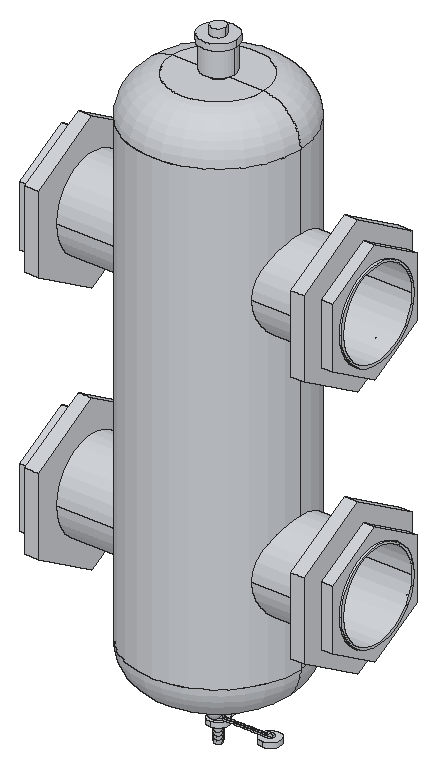
Revit family "Magnetic Dirt-Separator - R146IY008", category Plumbing Fixtures, Revit 2015
Reference planes
  plane 1 "Center (Front/Back)": y = 0
  plane 2: z = 0
  plane 3 "Center (Left/Right)": x = 0
  plane 4: z = 207
  plane 5: x = -176.5
  plane 6: x = 176.5
  plane 7: x = 27.082
  plane 8: x = -27.082
  plane 9: z = 487
  plane 10: y = 27.082
  plane 11: y = -27.082
  plane 12: y = -91
  plane 13: y = 96
  plane 14: y = 27.082
  plane 15: y = -27.082
  plane 16: z = 712
Forms (mm)
  Revolve 1, solid
    sketch origin (0, 0, 3) x (1, 0, 0) y (0, 0, 1)
      loop
        line (-91, 616.756) -> (-91, 99.691)
        arc (-91, 99.691) -> (-80, 71.623) -> (-52.858, 58.503) r 41.31
        line (-52.858, 58.503) -> (0, 58.503) -> (0, 661.086) -> (-50.979, 661.086)
        arc (-50.979, 661.086) -> (-79.515, 646.618) -> (-91, 616.756) r 44.562
      axis (0, 661.086) -> (0, 58.503)
    angle from 0 to 360
  Extrusion 2, solid
    sketch origin (0, 0, 704) x (1, 0, 0) y (0, 1, 0)
      loop
        circle (0, 0) r 8
    from 0 to 8
  Revolve 3, solid
    sketch origin (0, 0, 0) x (1, 0, 0) y (0, 0, 1)
      loop
        line (-5.119, 19.706) -> (-4.304, 15.76) -> (-5.119, 15.76) -> (-4.304, 11.814) -> (-5.119, 11.814) -> (-4.304, 7.868) -> (-5.119, 7.868) -> (-4.304, 3.922) -> (-5.119, 3.922) -> (-4.309, 0) -> (0, 0) -> (0, 19.706) -> (-5.119, 19.706)
      axis (0, 19.706) -> (0, 0)
    angle from 0 to 360
  Extrusion 4, solid
    sketch origin (0, 0, 51.5) x (0, -1, 0) y (1, 0, 0)
      loop
        line (-9.899, 9.899) -> (-13.523, -3.623) -> (-3.623, -13.523) -> (9.899, -9.899) -> (13.523, 3.623) -> (3.623, 13.523) -> (-9.899, 9.899)
    from -0.912 to 11.088
  Extrusion 5, solid
    sketch origin (0, 0, 43.706) x (0, -1, 0) y (1, 0, 0)
      loop
        circle (0, 0) r 11.105
      loop
        line (-8.942, -11.82) -> (-6.943, -13.221)
        arc (-6.943, -13.221) -> (0, -13.074) -> (6.943, -13.221) r 163.854
        line (6.943, -13.221) -> (8.942, -11.82)
        arc (8.942, -11.82) -> (11.789, 0) -> (8.942, 11.82) r 25.966
        line (8.942, 11.82) -> (6.943, 13.221)
        arc (6.943, 13.221) -> (0, 13.074) -> (-6.943, 13.221) r 163.854
        line (-6.943, 13.221) -> (-8.942, 11.82)
        arc (-8.942, 11.82) -> (-11.789, 0) -> (-8.942, -11.82) r 25.966
    from 0 to 5
  Extrusion 6, solid
    sketch origin (0, 0, 19.706) x (0, -1, 0) y (1, 0, 0)
      loop
        circle (0, 0) r 11
    from 0 to 4.971
  Extrusion 7, solid
    sketch origin (0, 0, 44.706) x (0, -1, 0) y (1, 0, 0)
      loop
        circle (0, 0) r 13
    from 4 to 6
  Extrusion 8, solid
    sketch origin (18.703, 0, 19.677) x (0, -1, 0) y (1, 0, 0)
      loop
        circle (0, 39) r 11
    from 0 to 5
  Extrusion 9, solid
    sketch origin (0, 10.938, -134.258) x (1, 0, 0) y (0, 0, -1)
      loop
        circle (0, -167.996) r 7.5
    from -13.595 to 5.209
  Revolve 10, solid
    sketch origin (0, -2.656, 33.727) x (0, -1, 0) y (1, 0, 0)
      loop
        line (0, 7.5) -> (0, 0) -> (10.635, 0)
        arc (10.635, 0) -> (8.319, 5.314) -> (2.95, 7.5) r 7.687
        line (2.95, 7.5) -> (0, 7.5)
      axis (0, 0) -> (10.635, 0)
    angle from 0 to 360
  Extrusion 11, solid
    sketch origin (0, 0, 14.706) x (-1, 0, 0) y (0, -1, 0)
      loop
        circle (0, 0) r 5.119
    from 9.971 to 16.528
  Revolve 12, solid
    sketch origin (0, 16.384, 33.727) x (0, 1, 0) y (-1, 0, 0)
      loop
        line (0.632, -8.291) -> (2.722, -8.291)
        arc (2.722, -8.291) -> (3.657, -4.191) -> (4.004, 0) r 29.769
        line (4.004, 0) -> (-1.726, 0) -> (-1.726, -5.865) -> (2.031, -5.865) -> (2.031, -7.491) -> (0.632, -7.491) -> (0.632, -8.291)
      axis (-1.726, 0) -> (4.004, 0)
    angle from 0 to 360
  Extrusion 13, solid
    sketch origin (4.688, 0, 0) x (0, -1, 0) y (0, 0, 1)
      loop
        line (11.329, 43.706) -> (-11.171, 43.706)
        arc (-11.171, 43.706) -> (-9.919, 40.677) -> (-9.876, 37.399) r 8.706
        line (-9.876, 37.399) -> (10.033, 37.399)
        arc (10.033, 37.399) -> (10.077, 40.677) -> (11.329, 43.706) r 8.706
    from -0.08 to 9.224
  Extrusion 14, solid
    sketch origin (1, 0, 0) x (0, -1, 0) y (0, 0, 1)
      loop
        line (-17.015, 42.013) -> (-17.015, 44.152) -> (-25.165, 44.152)
        arc (-25.165, 44.152) -> (-25.684, 43.831) -> (-25.628, 43.224) r 0.579
        line (-25.628, 43.224) -> (-20.328, 34.998)
        arc (-20.328, 34.998) -> (-19.907, 38.541) -> (-19.091, 42.013) r 31.634
        line (-19.091, 42.013) -> (-17.015, 42.013)
      loop
        line (-17.017, 25.437) -> (-19.084, 25.437)
        arc (-19.084, 25.437) -> (-19.905, 28.921) -> (-20.328, 32.476) r 31.634
        line (-20.328, 32.476) -> (-26.147, 19.717)
        arc (-26.147, 19.717) -> (-26.054, 18.428) -> (-24.921, 17.809) r 1.348
        line (-24.921, 17.809) -> (-17.017, 17.809) -> (-17.017, 25.437)
    from 0 to 2
  Extrusion 15, solid
    sketch origin (0, 0, 24.677) x (1, 0, 0) y (0, 1, 0)
      loop
        arc (9.667, 0.599) -> (7.817, 2.01) -> (5.874, 0.731) r 2.011
        arc (5.874, 0.731) -> (-0.366, 5.908) -> (-5.919, 0) r 5.919
        arc (-5.919, 0) -> (-0.366, -5.908) -> (5.874, -0.731) r 5.919
        arc (5.874, -0.731) -> (7.817, -2.01) -> (9.667, -0.599) r 2.011
        arc (9.667, -0.599) -> (11.587, -2.011) -> (13.506, -0.599) r 2.011
        arc (13.506, -0.599) -> (15.426, -2.011) -> (17.346, -0.599) r 2.011
        arc (17.346, -0.599) -> (19.265, -2.011) -> (21.185, -0.599) r 2.011
        arc (21.185, -0.599) -> (23.104, -2.011) -> (25.024, -0.599) r 2.011
        arc (25.024, -0.599) -> (26.944, -2.011) -> (28.863, -0.599) r 2.011
        arc (28.863, -0.599) -> (30.783, -2.011) -> (32.702, -0.599) r 2.011
        arc (32.702, -0.599) -> (34.622, -2.011) -> (36.541, -0.599) r 2.011
        arc (36.541, -0.599) -> (38.461, -2.011) -> (40.381, -0.599) r 2.011
        arc (40.381, -0.599) -> (42.3, -2.011) -> (44.22, -0.599) r 2.011
        arc (44.22, -0.599) -> (46.139, -2.011) -> (48.059, -0.599) r 2.011
        arc (48.059, -0.599) -> (49.979, -2.011) -> (51.898, -0.599) r 2.011
        arc (51.898, -0.599) -> (53.818, -2.011) -> (55.737, -0.599) r 2.011
        arc (55.737, -0.599) -> (57.96, -1.988) -> (59.668, 0) r 2.011
        arc (59.668, 0) -> (57.96, 1.988) -> (55.737, 0.599) r 2.011
        arc (55.737, 0.599) -> (53.818, 2.011) -> (51.898, 0.599) r 2.011
        arc (51.898, 0.599) -> (49.979, 2.011) -> (48.059, 0.599) r 2.011
        arc (48.059, 0.599) -> (46.139, 2.011) -> (44.22, 0.599) r 2.011
        arc (44.22, 0.599) -> (42.3, 2.011) -> (40.381, 0.599) r 2.011
        arc (40.381, 0.599) -> (38.461, 2.011) -> (36.541, 0.599) r 2.011
        arc (36.541, 0.599) -> (34.622, 2.011) -> (32.702, 0.599) r 2.011
        arc (32.702, 0.599) -> (30.783, 2.011) -> (28.863, 0.599) r 2.011
        arc (28.863, 0.599) -> (26.944, 2.011) -> (25.024, 0.599) r 2.011
        arc (25.024, 0.599) -> (23.104, 2.011) -> (21.185, 0.599) r 2.011
        arc (21.185, 0.599) -> (19.265, 2.011) -> (17.346, 0.599) r 2.011
        arc (17.346, 0.599) -> (15.426, 2.011) -> (13.506, 0.599) r 2.011
        arc (13.506, 0.599) -> (11.587, 2.011) -> (9.667, 0.599) r 2.011
      loop
        circle (7.748, 0) r 1.828
      loop
        circle (11.587, 0) r 1.828
      loop
        circle (15.426, 0) r 1.828
      loop
        circle (19.265, 0) r 1.828
      loop
        circle (23.104, 0) r 1.828
      loop
        circle (26.944, 0) r 1.828
      loop
        circle (30.783, 0) r 1.828
      loop
        circle (34.622, 0) r 1.828
      loop
        circle (38.461, 0) r 1.828
      loop
        circle (42.3, 0) r 1.828
      loop
        circle (46.139, 0) r 1.828
      loop
        circle (49.979, 0) r 1.828
      loop
        circle (53.818, 0) r 1.828
      loop
        circle (0, 0) r 5.119
      loop
        circle (57.657, 0) r 1.828
    from 0 to 1
  Extrusion 16, solid
    sketch origin (-1.905, 0, -3.024) x (1, 0, 0) y (0, 0, 1)
      loop
        line (55.828, 28.935) -> (63.295, 28.935) -> (63.295, 30.576)
        arc (63.295, 30.576) -> (59.562, 31.656) -> (55.828, 30.576) r 6.992
        line (55.828, 30.576) -> (55.828, 28.935)
      loop
        arc (62.495, 30.585) -> (59.562, 30.853) -> (56.628, 30.585) r 16.148
        line (56.628, 30.585) -> (56.628, 29.735) -> (62.495, 29.735) -> (62.495, 30.585)
    from -1.539 to 1.47
  Extrusion 17, solid
    sketch origin (59.562, 0, 27.373) x (0, -1, 0) y (1, 0, 0)
      loop
        circle (0, -1.905) r 1.5
    from -3.516 to -1.461
  Extrusion 18, solid
    sketch origin (-37.5, 0, 243.737) x (0, 1, 0) y (0, 0, -1)
      loop
        circle (0, -243.263) r 50
    from -214 to 139
  Extrusion 19, void
    sketch origin (0, 0, 220) x (0, 1, 0) y (0, 0, 1)
      loop
        circle (0, 267) r 48
    from -201.156 to 225
  Extrusion 20, void
    sketch origin (0, 0, 0) x (1, 0, 0) y (0, 0, 1)
      loop
        circle (0, 487) r 14
    from -105.197 to 10.713
  Extrusion 21, solid
    sketch origin (0, 0.79, 0) x (1, 0, 0) y (0, 0, -1)
      loop
        circle (0, -487) r 14
      loop
        circle (0, -487) r 16
    from 44.197 to 95.21
  Extrusion 22, solid
    sketch origin (37.5, 0, 23.737) x (0, 1, 0) y (0, 0, 1)
      loop
        circle (0, 183.263) r 50
    from -214 to 139
  Extrusion 23, void
    sketch origin (0, 0, 0) x (0, 1, 0) y (0, 0, 1)
      loop
        circle (0, 207) r 48
    from -201.156 to 225
  Extrusion 24, solid
    sketch origin (0, 0, 697) x (1, 0, 0) y (0, 1, 0)
      loop
        circle (0, 0) r 20
    from 0 to 7
  Extrusion 25, solid
    sketch origin (0, 0, 678.505) x (1, 0, 0) y (0, 1, 0)
      loop
        circle (0, 0) r 18
    from -9.505 to 18.495
  Extrusion 26, solid
    sketch origin (0, 0, 664) x (1, 0, 0) y (0, 1, 0)
      loop
        circle (0, 0) r 11
    from 0 to 5
  Extrusion 27, solid
    sketch origin (173.375, 0, 0) x (0, 1, 0) y (0, 0, -1)
      loop
        circle (0, -487) r 50
      loop
        line (58, -453.514) -> (0, -420.027) -> (-58, -453.514) -> (-58, -520.486) -> (0, -553.973) -> (58, -520.486) -> (58, -453.514)
    from 0 to 12
  Extrusion 28, solid
    sketch origin (155, 0, 0) x (0, 1, 0) y (0, 0, -1)
      loop
        circle (0, -487) r 50
      loop
        line (-74, -529.724) -> (0, -572.448) -> (74, -529.724) -> (74, -444.276) -> (0, -401.552) -> (-74, -444.276) -> (-74, -529.724)
    from 0 to 15
  Extrusion 29, solid
    sketch origin (-173.375, 0, 0) x (0, 1, 0) y (0, 0, 1)
      loop
        circle (0, 487) r 50
      loop
        line (58, 453.514) -> (58, 520.486) -> (0, 553.973) -> (-58, 520.486) -> (-58, 453.514) -> (0, 420.027) -> (58, 453.514)
    from 0 to 12
  Extrusion 30, solid
    sketch origin (-155, 0, 0) x (0, 1, 0) y (0, 0, 1)
      loop
        circle (0, 487) r 50
      loop
        line (-74, 529.724) -> (-74, 444.276) -> (0, 401.552) -> (74, 444.276) -> (74, 529.724) -> (0, 572.448) -> (-74, 529.724)
    from 0 to 15
  Extrusion 31, solid
    sketch origin (173.375, 0, -260) x (0, 1, 0) y (0, 0, -1)
      loop
        circle (0, -467) r 50
      loop
        line (58, -433.514) -> (0, -400.027) -> (-58, -433.514) -> (-58, -500.486) -> (0, -533.973) -> (58, -500.486) -> (58, -433.514)
    from 0 to 12
  Extrusion 32, solid
    sketch origin (155, 0, -260) x (0, 1, 0) y (0, 0, -1)
      loop
        circle (0, -467) r 50
      loop
        line (-74, -509.724) -> (0, -552.448) -> (74, -509.724) -> (74, -424.276) -> (0, -381.552) -> (-74, -424.276) -> (-74, -509.724)
    from 0 to 15
  Extrusion 33, solid
    sketch origin (-173.375, 0, -260) x (0, 1, 0) y (0, 0, 1)
      loop
        circle (0, 467) r 50
      loop
        line (58, 433.514) -> (58, 500.486) -> (0, 533.973) -> (-58, 500.486) -> (-58, 433.514) -> (0, 400.027) -> (58, 433.514)
    from 0 to 12
  Extrusion 34, solid
    sketch origin (-155, 0, -260) x (0, 1, 0) y (0, 0, 1)
      loop
        circle (0, 467) r 50
      loop
        line (-74, 509.724) -> (-74, 424.276) -> (0, 381.552) -> (74, 424.276) -> (74, 509.724) -> (0, 552.448) -> (-74, 509.724)
    from 0 to 15
Cuts and joins
  Extrusion 19, Extrusion 20, Extrusion 23 cuts Revolve 1
  Extrusion 19, Extrusion 23 cuts Extrusion 18
  Extrusion 23 cuts Extrusion 22
Dimensions and locks
  plane 2 to plane 4 = 207 mm
  equal spacing: plane 5, plane 3 "Center (Left/Right)", plane 6
  plane 4 to plane 9 = 280 mm
  plane 1 "Center (Front/Back)" to plane 13 = 96 mm
  plane 12 to plane 1 "Center (Front/Back)" = 91 mm
  plane 12 to plane 13 = 187 mm
  plane 3 "Center (Left/Right)" to plane 6 = 176.5 mm
  plane 3 "Center (Left/Right)" to plane 5 = 176.5 mm
  level to plane 16 = 712 mm
  plane 9 to plane 16 = 225 mm
  aligned and locked: level to plane 2
Automatic sketch dimensions
  plane 1 "Center (Front/Back)" to Extrusion 2 sketch curve = 0 mm
  Extrusion 2 sketch curve to plane 3 "Center (Left/Right)" = 0 mm
  Revolve 3 sketch curve to level = 0 mm  (x2)
  Revolve 3 sketch curve to plane 3 "Center (Left/Right)" = 0 mm  (x2)
  Revolve 3 sketch curve to plane 3 "Center (Left/Right)" = 4.304 mm  (x2)
  Revolve 3 sketch curve to Revolve 3 sketch curve = 0 mm  (x3)
  Revolve 3 sketch curve to Revolve 3 sketch curve = 0.005 mm
  Revolve 3 sketch curve to Revolve 3 sketch curve = 0.815 mm  (x4)
  level to Revolve 3 sketch curve = 3.922 mm
  Revolve 3 sketch curve to Revolve 3 sketch curve = 3.946 mm  (x4)
  Revolve 3 sketch curve to level = 13.856 mm
  Extrusion 4 sketch curve to plane 3 "Center (Left/Right)" = 3.623 mm
  Extrusion 4 sketch curve to plane 1 "Center (Front/Back)" = 13.523 mm
  Extrusion 4 sketch curve to plane 1 "Center (Front/Back)" = 9.899 mm
  Extrusion 4 sketch curve to plane 1 "Center (Front/Back)" = 3.623 mm
  plane 1 "Center (Front/Back)" to Extrusion 4 sketch curve = 3.623 mm
  plane 1 "Center (Front/Back)" to Extrusion 4 sketch curve = 9.899 mm
  plane 3 "Center (Left/Right)" to Extrusion 4 sketch curve = 3.623 mm
  plane 1 "Center (Front/Back)" to Extrusion 4 sketch curve = 13.523 mm
  Extrusion 4 sketch curve to plane 3 "Center (Left/Right)" = 9.899 mm
  Extrusion 4 sketch curve to plane 3 "Center (Left/Right)" = 13.523 mm
  plane 3 "Center (Left/Right)" to Extrusion 4 sketch curve = 9.899 mm
  plane 3 "Center (Left/Right)" to Extrusion 4 sketch curve = 13.523 mm
  Extrusion 5 sketch curve to plane 3 "Center (Left/Right)" = 0 mm  (x3)
  plane 1 "Center (Front/Back)" to Extrusion 5 sketch curve = 0 mm  (x3)
  Extrusion 5 sketch curve to plane 1 "Center (Front/Back)" = 6.943 mm  (x2)
  Extrusion 5 sketch curve to Extrusion 5 sketch curve = 2 mm  (x4)
  Extrusion 5 sketch curve to Extrusion 5 sketch curve = 5.235 mm  (x2)
  plane 1 "Center (Front/Back)" to Extrusion 5 sketch curve = 6.943 mm  (x2)
  Extrusion 5 sketch curve to plane 3 "Center (Left/Right)" = 11.82 mm  (x2)
  Extrusion 5 sketch curve to Extrusion 5 sketch curve = 1.4 mm  (x2)
  plane 5 to Extrusion 5 sketch curve = 0.427 mm
  Extrusion 5 sketch curve to plane 6 = 0.427 mm
  plane 1 "Center (Front/Back)" to Extrusion 6 sketch curve = 0 mm
  Extrusion 6 sketch curve to plane 3 "Center (Left/Right)" = 0 mm
  plane 1 "Center (Front/Back)" to Extrusion 7 sketch curve = 0 mm
  Extrusion 7 sketch curve to plane 3 "Center (Left/Right)" = 0 mm
  plane 1 "Center (Front/Back)" to Extrusion 8 sketch curve = 0 mm
  plane 3 "Center (Left/Right)" to Extrusion 8 sketch curve = 57.703 mm
  Extrusion 9 sketch curve to plane 3 "Center (Left/Right)" = 0 mm
  level to Extrusion 9 sketch curve = 33.737 mm
  Revolve 10 sketch curve to plane 3 "Center (Left/Right)" = 0 mm  (x2)
  plane 1 "Center (Front/Back)" to Revolve 10 sketch curve = 2.656 mm
  Revolve 10 sketch curve to plane 3 "Center (Left/Right)" = 0.187 mm
  Revolve 10 sketch curve to Revolve 10 sketch curve = 2.95 mm
  Revolve 10 sketch curve to Revolve 10 sketch curve = 7.684 mm
  Revolve 10 sketch curve to Revolve 10 sketch curve = 0.693 mm
  Revolve 10 sketch curve to plane 1 "Center (Front/Back)" = 4.745 mm
  Extrusion 11 sketch curve to Extrusion 11 sketch curve = 0 mm  (x2)
  plane 1 "Center (Front/Back)" to Extrusion 11 sketch curve = 0 mm
  Extrusion 11 sketch curve to plane 3 "Center (Left/Right)" = 0 mm
  plane 3 "Center (Left/Right)" to Extrusion 11 sketch curve = 5.119 mm
  Revolve 12 sketch curve to plane 3 "Center (Left/Right)" = 0 mm  (x2)
  Revolve 12 sketch curve to plane 3 "Center (Left/Right)" = 0.359 mm
  plane 1 "Center (Front/Back)" to Revolve 12 sketch curve = 9.379 mm
  Revolve 12 sketch curve to plane 1 "Center (Front/Back)" = 14.658 mm
  Revolve 12 sketch curve to Revolve 12 sketch curve = 2.358 mm
  Revolve 12 sketch curve to Revolve 12 sketch curve = 1.4 mm
  Revolve 12 sketch curve to Revolve 12 sketch curve = 0.691 mm
  Revolve 12 sketch curve to Revolve 12 sketch curve = 5.73 mm
  Revolve 12 sketch curve to Revolve 12 sketch curve = 0.8 mm
  Revolve 12 sketch curve to Revolve 12 sketch curve = 1.626 mm
  Revolve 12 sketch curve to Revolve 12 sketch curve = 5.675 mm
  Revolve 12 sketch curve to Revolve 12 sketch curve = 1.033 mm
  Extrusion 13 sketch curve to plane 1 "Center (Front/Back)" = 18.447 mm
  Extrusion 13 sketch curve to Extrusion 13 sketch curve = 7.276 mm  (x2)
  Extrusion 13 sketch curve to Extrusion 13 sketch curve = 1.296 mm  (x2)
  plane 1 "Center (Front/Back)" to Extrusion 13 sketch curve = 10.033 mm
  level to Extrusion 13 sketch curve = 37.399 mm
  Extrusion 13 sketch curve to Extrusion 13 sketch curve = 1.526 mm
  Extrusion 14 sketch curve to plane 1 "Center (Front/Back)" = 26.147 mm
  Extrusion 14 sketch curve to Extrusion 14 sketch curve = 0.519 mm
  Extrusion 14 sketch curve to Extrusion 14 sketch curve = 0.463 mm
  Extrusion 14 sketch curve to Extrusion 14 sketch curve = 1.227 mm
  Extrusion 14 sketch curve to Extrusion 14 sketch curve = 5.3 mm
  Extrusion 14 sketch curve to Extrusion 14 sketch curve = 0 mm  (x2)
  Extrusion 14 sketch curve to Extrusion 14 sketch curve = 6.074 mm
  Extrusion 14 sketch curve to Extrusion 14 sketch curve = 1.244 mm
  Extrusion 14 sketch curve to Extrusion 14 sketch curve = 2.066 mm
  Extrusion 14 sketch curve to Extrusion 14 sketch curve = 2.076 mm
  plane 1 "Center (Front/Back)" to Extrusion 14 sketch curve = 11.246 mm
  level to Extrusion 14 sketch curve = 17.809 mm
  Extrusion 14 sketch curve to Extrusion 14 sketch curve = 1.348 mm
  Extrusion 14 sketch curve to Extrusion 14 sketch curve = 7.627 mm
  Extrusion 14 sketch curve to Extrusion 14 sketch curve = 7.039 mm
  Extrusion 14 sketch curve to Extrusion 14 sketch curve = 1.379 mm
  Extrusion 14 sketch curve to Extrusion 14 sketch curve = 2.522 mm
  Extrusion 14 sketch curve to Extrusion 14 sketch curve = 1.211 mm
  Extrusion 14 sketch curve to Extrusion 14 sketch curve = 0.349 mm
  Extrusion 15 sketch curve to Extrusion 15 sketch curve = 0 mm  (x180)
  plane 1 "Center (Front/Back)" to Extrusion 15 sketch curve = 0 mm  (x15)
  Extrusion 15 sketch curve to plane 3 "Center (Left/Right)" = 0 mm
  plane 3 "Center (Left/Right)" to Extrusion 15 sketch curve = 7.748 mm
  Extrusion 15 sketch curve to Extrusion 15 sketch curve = 3.839 mm  (x13)
  Extrusion 15 sketch curve to Extrusion 15 sketch curve = 5.119 mm
  Extrusion 15 sketch curve to Extrusion 15 sketch curve = 0.8 mm
  Extrusion 15 sketch curve to plane 1 "Center (Front/Back)" = 0.731 mm
  plane 1 "Center (Front/Back)" to Extrusion 15 sketch curve = 0.731 mm
  Extrusion 15 sketch curve to Extrusion 15 sketch curve = 0.045 mm
  plane 1 "Center (Front/Back)" to Extrusion 15 sketch curve = 0.599 mm  (x12)
  Extrusion 15 sketch curve to plane 1 "Center (Front/Back)" = 0.599 mm  (x13)
  Extrusion 15 sketch curve to Extrusion 15 sketch curve = 0.183 mm  (x13)
  plane 3 "Center (Left/Right)" to Extrusion 16 sketch curve = 53.924 mm
  Extrusion 16 sketch curve to Extrusion 16 sketch curve = 0.8 mm  (x3)
  Extrusion 16 sketch curve to Extrusion 16 sketch curve = 3.733 mm
  Extrusion 16 sketch curve to Extrusion 16 sketch curve = 0 mm
  Extrusion 16 sketch curve to Extrusion 16 sketch curve = 5.867 mm
  level to Extrusion 16 sketch curve = 11.681 mm
  Extrusion 16 sketch curve to Extrusion 16 sketch curve = 9.958 mm
  Extrusion 16 sketch curve to Extrusion 16 sketch curve = 4.272 mm
  Extrusion 16 sketch curve to Extrusion 16 sketch curve = 0.84 mm
  Extrusion 16 sketch curve to Extrusion 16 sketch curve = 0.009 mm
  Extrusion 17 sketch curve to Extrusion 17 sketch curve = 0 mm  (x2)
  plane 1 "Center (Front/Back)" to Extrusion 17 sketch curve = 0 mm
  plane 3 "Center (Left/Right)" to Extrusion 17 sketch curve = 57.657 mm
  Extrusion 17 sketch curve to Extrusion 17 sketch curve = 1.5 mm
  Extrusion 18 sketch curve to plane 1 "Center (Front/Back)" = 0 mm
  Extrusion 18 sketch curve to plane 9 = 0 mm
  Extrusion 19 sketch curve to Extrusion 19 sketch curve = 0 mm  (x2)
  Extrusion 19 sketch curve to plane 9 = 0 mm
  Extrusion 19 sketch curve to plane 1 "Center (Front/Back)" = 0 mm
  Extrusion 19 sketch curve to plane 12 = 43 mm
  Extrusion 20 sketch curve to plane 3 "Center (Left/Right)" = 0 mm
  Extrusion 20 sketch curve to plane 9 = 0 mm
  Extrusion 21 sketch curve to Extrusion 21 sketch curve = 0 mm  (x6)
  Extrusion 21 sketch curve to plane 9 = 0 mm
  Extrusion 21 sketch curve to plane 3 "Center (Left/Right)" = 0 mm
  Extrusion 21 sketch curve to plane 3 "Center (Left/Right)" = 16 mm
  Extrusion 22 sketch curve to plane 1 "Center (Front/Back)" = 0 mm
  Extrusion 22 sketch curve to plane 4 = 0 mm
  Extrusion 23 sketch curve to Extrusion 23 sketch curve = 0 mm  (x2)
  Extrusion 23 sketch curve to plane 4 = 0 mm
  Extrusion 23 sketch curve to plane 1 "Center (Front/Back)" = 0 mm
  plane 1 "Center (Front/Back)" to Extrusion 23 sketch curve = 48 mm
  plane 1 "Center (Front/Back)" to Extrusion 24 sketch curve = 0 mm
  Extrusion 24 sketch curve to plane 3 "Center (Left/Right)" = 0 mm
  plane 1 "Center (Front/Back)" to Extrusion 25 sketch curve = 0 mm
  Extrusion 25 sketch curve to plane 3 "Center (Left/Right)" = 0 mm
  plane 1 "Center (Front/Back)" to Extrusion 26 sketch curve = 0 mm
  Extrusion 26 sketch curve to plane 3 "Center (Left/Right)" = 0 mm
  Extrusion 27 sketch curve to plane 1 "Center (Front/Back)" = 0 mm  (x3)
  Extrusion 27 sketch curve to plane 9 = 0 mm
  Extrusion 27 sketch curve to plane 12 = 33 mm
  plane 13 to Extrusion 27 sketch curve = 38 mm
  plane 9 to Extrusion 27 sketch curve = 33.486 mm  (x2)
  Extrusion 27 sketch curve to Extrusion 27 sketch curve = 33.486 mm  (x2)
  Extrusion 27 sketch curve to plane 9 = 33.486 mm  (x2)
  Extrusion 28 sketch curve to plane 1 "Center (Front/Back)" = 0 mm  (x3)
  Extrusion 28 sketch curve to plane 9 = 0 mm
  Extrusion 28 sketch curve to plane 12 = 17 mm
  plane 13 to Extrusion 28 sketch curve = 22 mm
  plane 9 to Extrusion 28 sketch curve = 42.724 mm  (x2)
  Extrusion 28 sketch curve to Extrusion 28 sketch curve = 42.724 mm  (x2)
  Extrusion 28 sketch curve to plane 9 = 42.724 mm  (x2)
  Extrusion 29 sketch curve to plane 1 "Center (Front/Back)" = 0 mm  (x3)
  Extrusion 29 sketch curve to plane 9 = 0 mm
  Extrusion 29 sketch curve to plane 12 = 33 mm
  plane 13 to Extrusion 29 sketch curve = 38 mm
  Extrusion 29 sketch curve to plane 9 = 33.486 mm  (x2)
  Extrusion 29 sketch curve to plane 9 = 66.973 mm
  plane 9 to Extrusion 29 sketch curve = 33.486 mm  (x2)
  Extrusion 29 sketch curve to Extrusion 29 sketch curve = 33.486 mm
  Extrusion 30 sketch curve to plane 1 "Center (Front/Back)" = 0 mm  (x3)
  Extrusion 30 sketch curve to plane 9 = 0 mm
  Extrusion 30 sketch curve to plane 12 = 17 mm
  plane 13 to Extrusion 30 sketch curve = 22 mm
  Extrusion 30 sketch curve to plane 9 = 42.724 mm  (x2)
  Extrusion 30 sketch curve to plane 9 = 85.448 mm
  plane 9 to Extrusion 30 sketch curve = 42.724 mm  (x2)
  Extrusion 30 sketch curve to Extrusion 30 sketch curve = 42.724 mm
  Extrusion 31 sketch curve to plane 1 "Center (Front/Back)" = 0 mm  (x3)
  Extrusion 31 sketch curve to plane 4 = 0 mm
  Extrusion 31 sketch curve to plane 12 = 33 mm
  plane 13 to Extrusion 31 sketch curve = 38 mm
  plane 4 to Extrusion 31 sketch curve = 33.486 mm  (x2)
  Extrusion 31 sketch curve to Extrusion 31 sketch curve = 33.486 mm  (x2)
  Extrusion 31 sketch curve to plane 4 = 33.486 mm  (x2)
  Extrusion 32 sketch curve to plane 1 "Center (Front/Back)" = 0 mm  (x3)
  Extrusion 32 sketch curve to plane 4 = 0 mm
  Extrusion 32 sketch curve to plane 12 = 17 mm
  plane 13 to Extrusion 32 sketch curve = 22 mm
  plane 4 to Extrusion 32 sketch curve = 42.724 mm  (x2)
  Extrusion 32 sketch curve to Extrusion 32 sketch curve = 42.724 mm  (x2)
  Extrusion 32 sketch curve to plane 4 = 42.724 mm  (x2)
  Extrusion 33 sketch curve to plane 1 "Center (Front/Back)" = 0 mm  (x3)
  Extrusion 33 sketch curve to plane 4 = 0 mm
  Extrusion 33 sketch curve to plane 12 = 33 mm
  plane 13 to Extrusion 33 sketch curve = 38 mm
  Extrusion 33 sketch curve to plane 4 = 33.486 mm  (x2)
  Extrusion 33 sketch curve to plane 4 = 66.973 mm
  plane 4 to Extrusion 33 sketch curve = 33.486 mm  (x2)
  Extrusion 33 sketch curve to Extrusion 33 sketch curve = 33.486 mm
  Extrusion 34 sketch curve to plane 1 "Center (Front/Back)" = 0 mm  (x3)
  Extrusion 34 sketch curve to plane 4 = 0 mm
  Extrusion 34 sketch curve to plane 12 = 17 mm
  plane 13 to Extrusion 34 sketch curve = 22 mm
  Extrusion 34 sketch curve to plane 4 = 42.724 mm  (x2)
  Extrusion 34 sketch curve to plane 4 = 85.448 mm
  plane 4 to Extrusion 34 sketch curve = 42.724 mm  (x2)
  Extrusion 34 sketch curve to Extrusion 34 sketch curve = 42.724 mm
  Revolve 1 sketch curve to plane 3 "Center (Left/Right)" = 0 mm  (x2)
  Revolve 1 sketch curve to plane 3 "Center (Left/Right)" = 46.438 mm
  Revolve 1 sketch curve to plane 3 "Center (Left/Right)" = 49.69 mm
  Revolve 1 sketch curve to Revolve 1 sketch curve = 4.541 mm
  Revolve 1 sketch curve to Revolve 1 sketch curve = 3.168 mm
  Revolve 1 sketch curve to Revolve 1 sketch curve = 41.31 mm
  level to Revolve 1 sketch curve = 61.503 mm
  Revolve 1 sketch curve to plane 16 = 92.244 mm
  Revolve 1 sketch curve to plane 9 = 94 mm
  Revolve 1 sketch curve to Revolve 1 sketch curve = 34.756 mm
  radius of Extrusion 2 sketch curve = 8 mm
  radius of Extrusion 5 sketch curve = 11.105 mm
  radius of Extrusion 6 sketch curve = 11 mm
  radius of Extrusion 7 sketch curve = 13 mm
  radius of Extrusion 8 sketch curve = 11 mm
  radius of Extrusion 9 sketch curve = 7.5 mm
  radius of Extrusion 18 sketch curve = 50 mm
  radius of Extrusion 20 sketch curve = 14 mm
  radius of Extrusion 21 sketch curve = 14 mm
  radius of Extrusion 22 sketch curve = 50 mm
  radius of Extrusion 24 sketch curve = 20 mm
  radius of Extrusion 25 sketch curve = 18 mm
  radius of Extrusion 26 sketch curve = 11 mm
  radius of Extrusion 27 sketch curve = 50 mm
  radius of Extrusion 28 sketch curve = 50 mm
  radius of Extrusion 29 sketch curve = 50 mm
  radius of Extrusion 30 sketch curve = 50 mm
  radius of Extrusion 31 sketch curve = 50 mm
  radius of Extrusion 32 sketch curve = 50 mm
  radius of Extrusion 33 sketch curve = 50 mm
  radius of Extrusion 34 sketch curve = 50 mm
